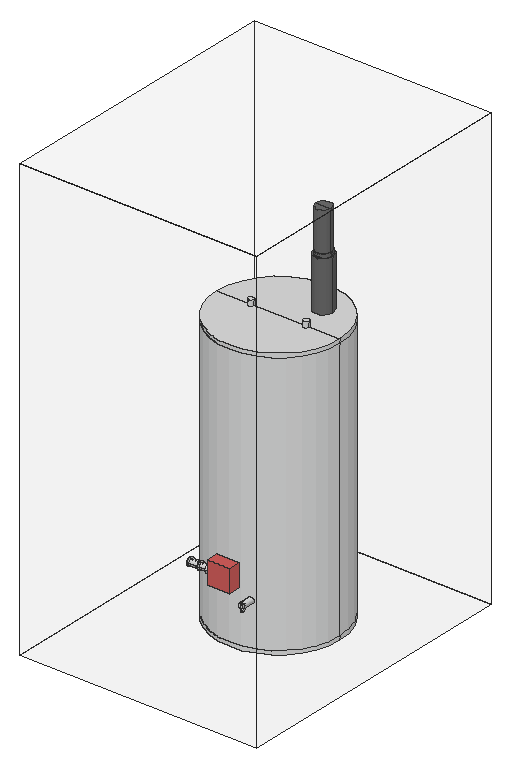
Revit family "Fan-Flued-Non-Condensing_RFF-280_Water-Heater_LOD200", category Mechanical Equipment, Revit 2014
Parameters (values of type "RFF 280")
  Weekly = ""
  Warranty ID = ""
  Voltage = 230 V  # constant formula
  URL = "http://www.andrewswaterheaters.co.uk/index.htm"
  Type = "Direct Gas Fired Water Heater"  # constant formula
  Supply Phase = "Single Phase"  # constant formula
  Storage Capacity = 280.00 L
  Shipping Weight = 144.00 kg
  Shipping Carton Width = 725 mm
  Shipping Carton Length = 785 mm
  Shipping Carton Height = 1854 mm
  Shape = "Rectangular (Horizontal)"  # constant formula
  Secondary Return Connection Type = "Socket"  # constant formula
  Secondary Return Connection Size = 19.05 mm  # constant formula
  Safety Valve Connection Type = "Threaded"  # constant formula
  Safety Valve Connection Size = 19.05 mm  # constant formula
  Responsible Sourcing of Materials = ""
  Responsible Extraction of Materials = yes
  Reference Standard = "BSE 89"  # constant formula
  Recovery Rate litre/min = "5"
  Quarterly = ""
  Product Range = "RFF Range"  # constant formula
  Product Literature = "http://www.andrewswaterheaters.co.uk/downloads/Product_range_guide.pdf"
  Power Consumption of Shunt Pump = 0 W  # constant formula
  Overall Width = 0 mm  # constant formula
  Overall Length = 0 mm  # constant formula
  Overall Height = 1943 mm
  Overall Diameter = 660 mm
  Operation = "On/Off"  # constant formula
  Oil Flow Rate kg/h = "0"  # constant formula
  Oil Consumption Rate l/h = "0"  # constant formula
  O&M Manual = "http://www.andrewswaterheaters.co.uk/literature-library/current-products.htm"
  Nominal Oil Inlet Pressure mbar = "0"  # constant formula
  Nominal Gas Inlet Pressure = "21"  # constant formula
  Nett Weight = 418.00 kg
  Mounting = "Floor Standing"  # constant formula
  Monthly = ""
  Model = "RFF 280"
  Minimum Power Consumption = 236 W  # constant formula
  Minimum Oil Inlet Pressure mbar = "0"  # constant formula
  Minimum Gas Inlet Pressure mbar = "18"  # constant formula
  Min Operating Pressure mbar = "0.2"  # constant formula
  Maximum Water Temperature = 71 °F  # constant formula
  Maximum Starting Current = 3 A  # constant formula
  Maximum Power Consumption = 236 W  # constant formula
  Maximum Oil Inlet Pressure mbar = "0"  # constant formula
  Maximum Gas Inlet Pressure mbar = "40"  # constant formula
  Max Operating Pressure When Unvented = 3.50 psi  # constant formula
  Max Operating Pressure When Open Vented = 10.00 psi  # constant formula
  Material Ingredient Reporting = ""
  Manufacturer = "Andrews Water Heaters"  # constant formula
  Maintenance Required 8001-12000hrs = ""
  Maintenance Required 601-1000hrs = ""
  Maintenance Required 40001-8000hrs = ""
  Maintenance Required 301-600hrs = ""
  Maintenance Required 2001-4000hrs = ""
  Maintenance Required 1001-2000hrs = ""
  Maintenance Required 0-300hrs = ""
  Location of Manufacturer-GridRef = ""
  Life Cycle Analysis = ""
  Interlocks = yes
  Insulation Type = "Foam Injected"  # constant formula
  Insulation Thickness = 50 mm  # constant formula
  Heat Up Time mins = "56"
  Heat Loss kWh/24h = "4.45"
  Heat Generator Efficiency = "76.1"
  Heat Exchanger Material = Steel Glass Lined
  Gross Weight = 132.00 kg
  Gross Input Of Appliance = 23 Btu/h
  Green Guide for Specification = ""
  Gas Flow Rate = 2.15 CFM
  Gas Consumption rate = 2.15 CFM
  Fuse Rating = 5 A  # constant formula
  Full Load Current = 3 A  # constant formula
  Fuel Connection Type = "Threaded"  # constant formula
  Fuel Connection Size = 12.7 mm
  Fuel = "Gas - NG"  # constant formula
  Frequency = 50 Hz  # constant formula
  Flue or Air Intake Classification = "B22"  # constant formula
  Flue Connection Type = "External"  # constant formula
  Flue Connection Size = 80 mm  # constant formula
  Flue Connection Radius = Flue Connection Size / 2  # 40 mm
  Flow and Return Connection Type = "Threaded"  # constant formula
  Flow and Return Connection Size = 19.05 mm  # constant formula
  Finish = "Painted"  # constant formula
  Features = "Fan Assisted Open Flue"  # constant formula
  External Material = Aluminium
  Expected Life = ""
  ErP Energy Label = yes
  Environmental Product Declaration = ""
  Energy Technology List = no
  Enclosure Rating = "20"  # constant formula
  Emissions mg/kWh = "54"
  Embodied Carbon kgCO2e = ""
  Drain Connection Type = "Threaded"  # constant formula
  Drain Connection Size = 19.05 mm  # constant formula
  Daily = ""
  Control Type = "Internal"  # constant formula
  Control ThermostatRange = 40 °F
  Control Thermostat Range Note = "40 to 71"  # constant formula
  Continuous Output at 50 Degree Differential l/h = "300"
  Continuous Output at 44 Degree Differential l/h = "341"
  Condensing = no
  Condensate Drain Size = 0 mm
  Colour = "Grey (RAL 70047"  # constant formula
  Clearance Box Visibility [instance] = yes
  Clean Out and Inspection Opening Type = "Other"  # constant formula
  CE Approval = "Yes - 0063AU3620"  # constant formula
  Bespoke Timeframe = ""
  BMS Links = yes
  Annually = ""
  Air Inlet Connection Type = "External"  # constant formula
  Air Inlet Connection Size = 0 mm  # constant formula
  Access Clearance Top = 419 mm  # constant formula
  Access Clearance Right = 304.998 mm  # constant formula
  Access Clearance Rear = 305 mm  # constant formula
  Access Clearance Left = 304.998 mm  # constant formula
  Access Clearance Front = 609.997 mm  # constant formula
  Access Clearance Bottom = 0 mm  # constant formula
  6 Monthly = ""
Reference planes
  plane 1 "Center (Front/Back)": y = 0
  plane 2: z = 0
  plane 3 "Center (Left/Right)": x = 0
  plane 4: y = 330
  plane 5: y = -330
  plane 6: x = -330
  plane 7: x = 330
  plane 8: x = -634.998
  plane 9: x = 634.998
  plane 10: y = 635
  plane 11: y = -939.997
  plane 12: z = 1943
  plane 13: z = 2362
  plane 14: z = 1264
Forms (mm)
  Extrusion 1, solid, material "Glass - Clear - Amber", visible <- "Clearance Box Visibility"
    sketch origin (2455.198, -3524, 0) x (0, -1, 0) y (1, 0, 0)
      loop
        line (-4159, -1820.2) -> (-4159, -3090.197) -> (-2584.003, -3090.197) -> (-2584.003, -1820.2) -> (-4159, -1820.2)
    from 0 to 2362
Dimensions and locks
  equal spacing: plane 6, plane 3 "Center (Left/Right)", plane 7
  equal spacing: plane 4, plane 1 "Center (Front/Back)", plane 5
  "Overall Diameter": plane 4 to plane 5
  "Overall Diameter": plane 6 to plane 7
  "Access Clearance Left": plane 8 to plane 6
  "Access Clearance Right": plane 7 to plane 9
  "Access Clearance Rear": plane 10 to plane 4
  "Access Clearance Front": plane 11 to plane 5
  "Overall Height": plane 12 to level
  "Access Clearance Top": plane 13 to plane 12
  locked: plane 14 to level at 1264
  aligned and locked: level to plane 2
  aligned and locked: plane 3 "Center (Left/Right)" to nested 1
  aligned and locked: plane 1 "Center (Front/Back)" to nested 1
  aligned and locked: level to nested 1
  aligned and locked: level to Extrusion 1
  aligned and locked: plane 13 to Extrusion 1
  aligned and locked: plane 9 to Extrusion 1
  aligned and locked: Extrusion 1 to plane 8
  aligned and locked: plane 10 to Extrusion 1
  aligned and locked: plane 11 to Extrusion 1
Automatic sketch dimensions
  Extrusion 1 sketch curve to plane 11 = 1574.997 mm
  Extrusion 1 sketch curve to Extrusion 1 sketch curve = 1574.997 mm
  Extrusion 1 sketch curve to plane 9 = 0 mm
  Extrusion 1 sketch curve to Extrusion 1 sketch curve = 1269.997 mm
Nested families
  nested 1: "Fan-Flued Range" at (0, 0, 0), OH <- "Overall Height", type "Parametric"
    with OH 1943 mm, Flue Connection Radius 62.5 mm
Connectors
  piping at (-148.342, 0, 1473), diameter 19.05, driven by "Flow and Return Connection Size"
    settings: on nested 1, index 1, connector inside diameter 609.6 mm, connector length 0 mm, flow factor 0, pipe flow 0 GPM, pressure drop 0.00 psi, fitting loss kfactor 0, connector angle 0.00°, fixture units 0, engagement length 0 mm, angle of deflection 0.00°, flow configuration 0, flow direction 2, fitting loss method 0, system type 19, joint type 0, gender type 0, connector reference index -1, connector utility 1, adjustable connector no, is connector primary yes, connector description "Hot Outlet Nipple/Anode"
  piping at (148.342, 0, 1473), diameter 19.05, driven by "Flow and Return Connection Size"
    settings: on nested 1, index 2, connector inside diameter 609.6 mm, connector length 0 mm, flow factor 0, pipe flow 0 GPM, pressure drop 0.00 psi, fitting loss kfactor 0, connector angle 0.00°, fixture units 0, engagement length 0 mm, angle of deflection 0.00°, flow configuration 0, flow direction 1, fitting loss method 0, system type 20, joint type 0, gender type 0, connector reference index -1, connector utility 1, adjustable connector no, is connector primary no, connector description "Hydrojet Cold Inlet Diptube"
  piping at (-188, -360, 356), diameter 19.1
    settings: on nested 1, index 5, connector inside diameter 609.6 mm, connector length 0 mm, flow factor 0, pipe flow 0 GPM, pressure drop 0.00 psi, fitting loss kfactor 0, connector angle 0.00°, fixture units 0, engagement length 0 mm, angle of deflection 0.00°, flow configuration 0, flow direction 1, fitting loss method 0, system type 7, joint type 0, gender type 0, connector reference index -1, connector utility 1, adjustable connector no, is connector primary no, connector description "Gas Cock"
  piping at (100, -370.633, 219.44), diameter 19.1
    settings: on nested 1, index 6, connector inside diameter 609.6 mm, connector length 0 mm, flow factor 0, pipe flow 0 GPM, pressure drop 0.00 psi, fitting loss kfactor 0, connector angle 0.00°, fixture units 0, engagement length 0 mm, angle of deflection 0.00°, flow configuration 0, flow direction 2, fitting loss method 0, system type 16, joint type 0, gender type 0, connector reference index -1, connector utility 1, adjustable connector no, is connector primary no, connector description "Drain Cock"
  electrical at (0, -400.07, 366)
    settings: on nested 1, index 7, voltage 0 V, apparent load 0 VA, apparent load phase1 0 VA, apparent load phase2 0 VA, apparent load phase3 0 VA, power factor 1, load classification "Other", number of poles 1, system type 5, power factor state 1, is connector primary yes, connector utility yes, sub classification motor no, connector description "Spark Ignition Control"
  piping at (114.5, 158.8, 1943), diameter 40, driven by "Flue Connection Radius"
    settings: on nested 1, index 9, connector inside diameter 609.6 mm, connector length 0 mm, flow factor 0, pipe flow 0 GPM, pressure drop 0.00 psi, fitting loss kfactor 0, connector angle 0.00°, fixture units 0, engagement length 0 mm, angle of deflection 0.00°, flow configuration 0, flow direction 2, fitting loss method 0, system type 8, joint type 0, gender type 0, connector reference index -1, connector utility 1, adjustable connector yes, is connector primary no, connector description "Flue Connection"
Definition of nested family "Fan-Flued Range"
  Parameters (values of type "Parametric")
    URL = ""
    Overall Height = 1448 mm
    Overall Diameter = 660 mm
    OH [instance] = 2170 mm
    Model = "EC230/600"
    Manufacturer = "Andrews Water Heaters"  # constant formula
    Flue Connection Radius [instance] = 62.5 mm
    External Material = Aluminium
    Description = "Condensing Storage Water Heater"
    Default Elevation = 1219.2 mm
    Base Material = Metal - Aluminium-Grey
  Reference planes
    plane 1 "Center (Front/Back)": y = 0
    plane 2: z = 0
    plane 3 "Center (Left/Right)": x = 0
    plane 4: x = -330
    plane 5: x = 330
    plane 6: y = 330
    plane 7: y = -330
    plane 8: z = 1448
    plane 9: z = 1428
    plane 10: z = 20
    plane 11: z = 356
    plane 12: y = -360
    plane 13: z = 724
    plane 14: x = -100
    plane 15: x = 100
    plane 16: z = 1228
    plane 17: y = 158.8
    plane 18: z = 2170
    plane 19: y = -149.671
  Forms (mm)
    Revolve 1, solid, material "Aluminium"
      sketch origin (0, 0, 0) x (1, 0, 0) y (0, 0, 1)
        loop
          line (-330, 1428) -> (-330, 20) -> (0, 20) -> (0, 1428) -> (-330, 1428)
        axis (0, 1428) -> (0, 20)
      angle from 0 to 360
    Revolve 2, solid, material "Aluminium" <- "External Material"
      sketch origin (0, 0, 0) x (1, 0, 0) y (0, 0, 1)
        loop
          line (-330, 1448) -> (-330, 1428) -> (0, 1428) -> (0, 1448) -> (-330, 1448)
        loop
          line (-330, 0) -> (0, 0) -> (0, 20) -> (-330, 20) -> (-330, 0)
        axis (0, 1448) -> (0, 0)
      angle from 0 to 360
    Revolve 3, solid, material "Aluminium"
      sketch origin (-209.431, -1524, 356) x (-1, 0, 0) y (0, -1, 0)
        loop
          line (-21.431, -1144) -> (-26.431, -1144) -> (-26.431, -1147) -> (-76.431, -1147) -> (-76.431, -1145)
          arc (-76.431, -1145) -> (-76.724, -1144.293) -> (-77.431, -1144) r 1
          line (-77.431, -1144) -> (-81.431, -1144) -> (-81.431, -1149)
          arc (-81.431, -1149) -> (-81.724, -1149.707) -> (-82.431, -1150) r 1
          line (-82.431, -1150) -> (-118.431, -1150)
          arc (-118.431, -1150) -> (-119.138, -1149.707) -> (-119.431, -1149) r 1
          line (-119.431, -1149) -> (-119.431, -1145)
          arc (-119.431, -1145) -> (-119.724, -1144.293) -> (-120.431, -1144) r 1
          line (-120.431, -1144) -> (-149.431, -1144) -> (-149.431, -1154.45) -> (-21.431, -1154.45) -> (-21.431, -1144)
        axis (-149.431, -1164) -> (-21.431, -1164)
      angle from 0 to 360
    Revolve 4, solid, material "Aluminium"
      sketch origin (0, 0, 0) x (0, 1, 0) y (0, 0, 1)
        loop
          line (-340, 386) -> (-340, 366) -> (-325, 366) -> (-325, 386) -> (-340, 386)
        axis (-325, 366) -> (-340, 366)
      angle from 0 to 360
    Extrusion 5, solid, material "Aluminium"
      sketch origin (-1446.495, -1524, 1448) x (-1, 0, 0) y (0, -1, 0)
        loop
          circle (-1298.154, -1524) r 15
        loop
          circle (-1594.837, -1524) r 15
      from 25 to 0
    Extrusion 6, solid, material "Metallic-Paint - Red"
      sketch origin (0, -0.099, -22) x (1, 0, 0) y (0, 1, 0)
        loop
          line (-60, -340) -> (-60, -399.97) -> (60, -399.97) -> (60, -340) -> (-60, -340)
      from 328 to 448
    Revolve 7, solid, material "Aluminium"
      sketch origin (100, -1524, 1483.809) x (0, 0, 1) y (0, -1, 0)
        loop
          line (-1223.869, -1156.5) -> (-1223.869, -1146.5) -> (-1234.782, -1146.5) -> (-1234.782, -1231.448) -> (-1219.869, -1231.448) -> (-1219.869, -1156.5) -> (-1223.869, -1156.5)
        axis (-1234.782, -1231.448) -> (-1234.782, -1146.5)
      angle from 0 to 360
    Revolve 8, solid, material "Aluminium"
      sketch origin (100, -1524, 1483.809) x (0, 0, 1) y (0, -1, 0)
        loop
          line (-1239.81, -1181.924) -> (-1235.444, -1176.453) -> (-1264.369, -1153.367) -> (-1268.735, -1158.838) -> (-1239.81, -1181.924)
        axis (-1264.369, -1153.367) -> (-1235.444, -1176.453)
      angle from 0 to 360
    Revolve 9, solid, material "Metallic-Paint - Black"
      sketch origin (0, 158.8, 1808) x (0, 0, 1) y (-1, 0, 0)
        loop
          line (362, -154.5) -> (362, -114.5) -> (-360, -114.5) -> (-360, -164.5) -> (-93, -164.5) -> (-93, -156)
          arc (-93, -156) -> (-92.707, -156.707) -> (-92, -157) r 1
          line (-92, -157) -> (-74, -157)
          arc (-74, -157) -> (-73.293, -156.707) -> (-73, -156) r 1
          line (-73, -156) -> (-73, -154.5) -> (362, -154.5)
        axis (-360, -114.5) -> (362, -114.5)
      angle from 0 to 360
  Cuts and joins
    joined: Revolve 1, Revolve 3, Revolve 4, Extrusion 5, Revolve 7, Revolve 8
  Dimensions and locks
    equal spacing: plane 5, plane 3 "Center (Left/Right)", plane 4
    "Overall Diameter": plane 5 to plane 4
    "Overall Height": plane 8 to level
    equal spacing: plane 6, plane 1 "Center (Front/Back)", plane 7
    "Overall Diameter": plane 6 to plane 7
    locked: plane 8 to plane 9 at 20
    locked: plane 10 to level at 20
    plane 11 to level = 356 mm
    locked: plane 7 to plane 12 at 30
    Revolve 4 sketch curve to plane 7 = 5 mm
    equal spacing: plane 8, plane 13, level
    equal spacing: plane 15, plane 3 "Center (Left/Right)", plane 14
    locked: plane 15 to plane 14 at 200
    locked: plane 9 to plane 16 at 200
    locked: plane 6 to plane 17 at 171.2
    "OH": plane 18 to level
    plane 19 to plane 1 "Center (Front/Back)" = 149.671 mm
    aligned and locked: level to plane 2
    aligned and locked: Revolve 1 sketch curve to plane 4
    aligned and locked: Revolve 1 sketch curve to plane 9
    aligned and locked: Revolve 1 sketch curve to plane 3 "Center (Left/Right)"  (x2)
    aligned and locked: Revolve 1 sketch curve to plane 10
    aligned and locked: Revolve 2 sketch curve to plane 4  (x2)
    aligned and locked: Revolve 2 sketch curve to plane 9
    aligned and locked: Revolve 2 sketch curve to plane 8
    aligned and locked: Revolve 2 sketch curve to plane 3 "Center (Left/Right)"  (x3)
    aligned and locked: Revolve 2 sketch curve to level
    aligned and locked: Revolve 2 sketch curve to plane 10
    aligned and locked: plane 1 "Center (Front/Back)" to Extrusion 5 sketch curve  (x2)
    aligned and locked: cut or joined group of Revolve 1, Revolve 3, Revolve 4, Extrusion 5, Revolve 7, Revolve 8 to plane 8
    aligned and locked: Revolve 9 sketch curve to plane 18
  Automatic sketch dimensions
    Revolve 1 sketch curve to level = 366.045 mm
    plane 18 to Revolve 1 sketch curve = 228.315 mm
    Revolve 2 sketch curve to level = 366.045 mm
    plane 18 to Revolve 2 sketch curve = 228.315 mm
    Revolve 3 sketch curve to plane 12 = 0 mm
    Revolve 3 sketch curve to plane 12 = 20 mm  (x2)
    plane 14 to Revolve 3 sketch curve = 40 mm
    plane 14 to Revolve 3 sketch curve = 11 mm
    Revolve 3 sketch curve to Revolve 3 sketch curve = 1 mm  (x5)
    Revolve 3 sketch curve to plane 14 = 27 mm
    Revolve 3 sketch curve to Revolve 3 sketch curve = 4 mm
    Revolve 3 sketch curve to Revolve 3 sketch curve = 50 mm
    Revolve 3 sketch curve to Revolve 3 sketch curve = 5 mm
    Revolve 3 sketch curve to plane 12 = 9.55 mm
    Revolve 3 sketch curve to plane 12 = 14 mm
    Revolve 3 sketch curve to Revolve 3 sketch curve = 2 mm  (x2)
    Revolve 3 sketch curve to Revolve 3 sketch curve = 10 mm
    plane 7 to Revolve 4 sketch curve = 10 mm
    plane 11 to Revolve 4 sketch curve = 10 mm
    Revolve 4 sketch curve to Revolve 4 sketch curve = 20 mm
    Revolve 4 sketch curve to Revolve 4 sketch curve = 0 mm  (x2)
    Revolve 4 sketch curve to Revolve 4 sketch curve = 2.679 mm
    Extrusion 5 sketch curve to plane 15 = 48.342 mm
    Extrusion 5 sketch curve to plane 14 = 48.342 mm
    plane 7 to Extrusion 6 sketch curve = 10.099 mm
    plane 14 to Extrusion 6 sketch curve = 40 mm
    plane 15 to Extrusion 6 sketch curve = 40 mm
    Extrusion 6 sketch curve to plane 12 = 40.07 mm
    plane 7 to Revolve 7 sketch curve = 37.448 mm
    plane 11 to Revolve 7 sketch curve = 106.973 mm
    Revolve 7 sketch curve to Revolve 7 sketch curve = 10.913 mm
    Revolve 7 sketch curve to Revolve 7 sketch curve = 4 mm
    plane 12 to Revolve 7 sketch curve = 7.5 mm
    Revolve 7 sketch curve to Revolve 7 sketch curve = 10 mm
    Revolve 7 sketch curve to Revolve 7 sketch curve = 0 mm  (x2)
    Revolve 7 sketch curve to Revolve 7 sketch curve = 8.55 mm
    plane 12 to Revolve 8 sketch curve = 5.162 mm
    plane 11 to Revolve 8 sketch curve = 140.926 mm
    plane 12 to Revolve 8 sketch curve = 10.633 mm  (x2)
    Revolve 8 sketch curve to Revolve 8 sketch curve = 4.367 mm
    Revolve 8 sketch curve to plane 7 = 12.076 mm
    Revolve 8 sketch curve to Revolve 8 sketch curve = 28.925 mm
    Revolve 8 sketch curve to Revolve 8 sketch curve = 0 mm
    plane 12 to Revolve 8 sketch curve = 5.227 mm
    Revolve 8 sketch curve to Revolve 8 sketch curve = 6.773 mm
    Revolve 9 sketch curve to plane 8 = 0 mm
    Revolve 9 sketch curve to plane 15 = 64.5 mm
    Revolve 9 sketch curve to Revolve 9 sketch curve = 267 mm
    Revolve 9 sketch curve to Revolve 9 sketch curve = 1 mm  (x3)
    Revolve 9 sketch curve to Revolve 9 sketch curve = 18 mm
    Revolve 9 sketch curve to Revolve 9 sketch curve = 7.5 mm
    Revolve 9 sketch curve to Revolve 9 sketch curve = 1.5 mm
    Revolve 9 sketch curve to plane 15 = 14.5 mm  (x2)
    Revolve 9 sketch curve to Revolve 9 sketch curve = 73 mm
    Revolve 9 sketch curve to Revolve 9 sketch curve = 35 mm
    Revolve 9 sketch curve to Revolve 9 sketch curve = 0 mm
    radius of Extrusion 5 sketch curve = 15 mm  (x2)
